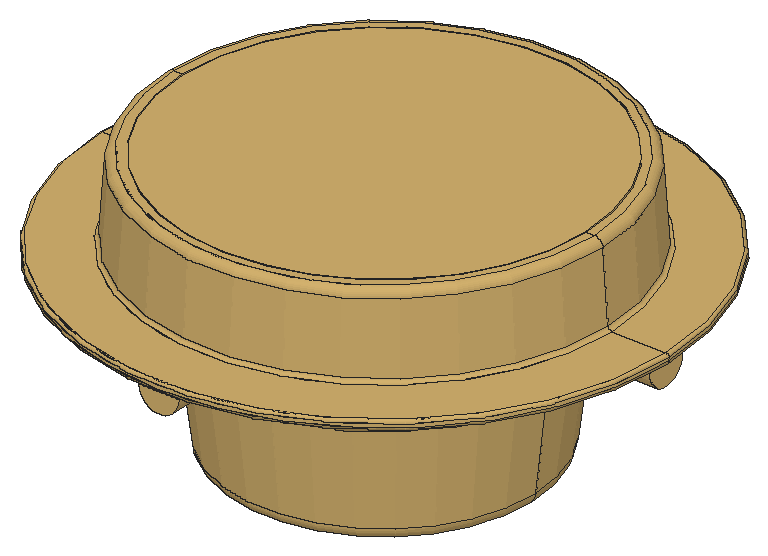
Revit family
Parameters (values of type "9710 (4" Diameter)")
  Weight (lb) = 0
  Warranty = "1 year material and workmanship"  # constant formula
  URL = "http://jrsmith.com"
  Threaded Connection = yes
  Technical and Installation = "http://www.jrsmith.com/products/spec/spec_tech.htm"
  SmartBIM Object Version = 3  # constant formula
  SmartBIM Object Created By = "Reed Construction Data"  # constant formula
  Seepage Holes = Satin Finish Top
  Schedule 40 Butt Weld = yes
  Product URL = "http://www.jrsmith.com/products/spec/submittal/d9710.pdf\r\n"
  Pipe Size = 4"
  OmniClass Title = "Sanitary Drains"  # constant formula
  OmniClass Code = "22-22 13 19 13"  # constant formula
  Model = "9710"  # constant formula
  Max. Static Load = ""
  Material Finish = Satin Finish
  Material = Satin Finish
  Manufacturer = "Jay R. Smith Mfg. Co. "  # constant formula
  Free Area(Sq In) = ""
  Flow Rate = ""
  Description = "CF8 rough finish stainless steel body and loose set non-tilt grate"  # constant formula
  Default Elevation = 48"
  Caulk Connection = yes
  Capacity = ""
  Assembly Code = "D2030300"
  Adjustable Height = 2 37/128"
  Action = ""
  Pipe  Radius = Pipe Diameter / 2  # 2"
  Pipe Diameter = 4"
  95 CSI = "15155"  # constant formula
  04 CSI = "22 13 19"  # constant formula
Types (4): name | Threaded Connection | Pipe Size | Caulk Connection | Pipe  Radius | Pipe Diameter
  (no name) | yes | 4" | yes | 2" | 4"
  9710 (3" Diameter) | no | 3" | no | 1 1/2" | 3"
  9710 (4" Diameter) | yes | 4" | yes | 2" | 4"
  9710 (2" Diameter) | no | 2" | no | 1" | 2"
Reference planes (in)
  plane 1 "Center (Front/Back)": y = 1.1811
  plane 2: z = 0
  plane 3 "Center (Left/Right)": x = 0
  plane 4: z = -2.82589
  plane 5: z = -5.11496
Dimensions and locks (in)
  locked: level to plane 4 at 2.82589
  "Adjustable Height": plane 4 to plane 5
  aligned and locked: plane 1 "Center (Front/Back)" to nested 1
  aligned and locked: plane 3 "Center (Left/Right)" to nested 1
  aligned and locked: nested 1 to level
  aligned and locked: level to plane 2
Nested families (in)
  nested 1: "9710" at (0, 0, -0.32143), type "9710 (3" Diameter)"
Connectors (in)
  piping at (0, 1.1811, -5.11496), driven by "Pipe  Radius"
    settings: on nested 1, index 1
Definition of nested family "9710"
  Parameters (values of type "9710 (3" Diameter)")
    Weight (lb) = 0
    Warranty = "1 year material and workmanship"  # constant formula
    URL = "http://jrsmith.com"
    Threaded Connection = no
    Technical and Installation = "http://www.jrsmith.com/products/spec/spec_tech.htm"
    SmartBIM Object Version = 3  # constant formula
    SmartBIM Object Created By = "Reed Construction Data"  # constant formula
    Seepage Holes = Satin Finish Top
    Schedule 40 Butt Weld = yes
    Product URL = "http://www.jrsmith.com/products/spec/submittal/d9710.pdf\r\n"
    Pipe Size = 3"
    OmniClass Title = "Sanitary Drains"  # constant formula
    OmniClass Code = "22-22 13 19 13"  # constant formula
    Model = "9710"  # constant formula
    Max. Static Load = ""
    Material Finish = Satin Finish
    Material = Satin Finish
    Manufacturer = "Jay R. Smith Mfg. Co. "  # constant formula
    Free Area(Sq In) = ""
    Flow Rate = ""
    Description = "CF8 rough finish stainless steel body and loose set non-tilt grate"  # constant formula
    Default Elevation = 48"
    Caulk Connection = no
    Capacity = ""
    Assembly Code = "D2030300"
    Adjustble Height = 2.29018"
    Action = ""
    Pipe  Radius = Pipe Diameter / 2  # 1 1/2"
    Pipe Diameter = 3"
    95 CSI = "15155"  # constant formula
    04 CSI = "22 13 19"  # constant formula
  Types (3): name | Threaded Connection | Pipe Size | Caulk Connection | Pipe  Radius | Pipe Diameter
    (no name) | no | 3" | no | 1 1/2" | 3"
    9710 (3" Diameter) | no | 3" | no | 1 1/2" | 3"
    9710 (4" Diameter) | yes | 4" | yes | 2" | 4"
  Reference planes (in)
    plane 1 "Center (Front/Back)": y = 1.1811
    plane 2: z = -4.79464
    plane 3 "Center (Left/Right)": x = 0
    plane 4: z = 0.32143
    plane 5: z = 0
    plane 6: x = -5.51181
    plane 7: x = 5.51181
    plane 8: x = -4.23228
    plane 9: x = 4.23228
    plane 10: x = -1.5
    plane 11: x = 1.5
    plane 12: y = 6.69291
    plane 13: y = -4.33071
    plane 14: y = 3.19506
    plane 15: y = -0.83285
    plane 16: y = 5.41339
    plane 17: y = -3.05118
    plane 18: z = -1.80252
    plane 19: z = -1.22279
  Forms (in)
    Revolve 1, solid, material "Satin Finish" <- "Material Finish"
      sketch origin (0, 1.1811, 0) x (1, 0, 0) y (0, 0, 1)
        loop
          line (3.90044, 0.32143) -> (3.90044, -1.92855) -> (3.1906, -1.92855) -> (3.1906, -2.23659) -> (2.91156, -2.23659) -> (2.67, -4.37133)
          arc (2.67, -4.37133) -> (2.61865, -4.48177) -> (2.50548, -4.52679) r 0.16479
          line (2.50548, -4.52679) -> (1.5, -4.52679) -> (1.5, -4.79464) -> (2.67798, -4.79464)
          arc (2.67798, -4.79464) -> (2.84912, -4.72689) -> (2.92749, -4.56035) r 0.25
          line (2.92749, -4.56035) -> (3.19064, -2.50446) -> (3.29495, -2.50446)
          arc (3.29495, -2.50446) -> (3.41058, -2.45657) -> (3.45848, -2.34094) r 0.16353
          line (3.45848, -2.34094) -> (3.45848, -2.27141)
          arc (3.45848, -2.27141) -> (3.48044, -2.21839) -> (3.53345, -2.19643) r 0.07498
          line (3.53345, -2.19643) -> (4.07311, -2.19643)
          arc (4.07311, -2.19643) -> (4.18566, -2.14981) -> (4.23228, -2.03725) r 0.15917
          line (4.23228, -2.03725) -> (4.23228, -1.41964) -> (5.44034, -1.41964)
          arc (5.44034, -1.41964) -> (5.49088, -1.39871) -> (5.51181, -1.34817) r 0.07148
          line (5.51181, -1.34817) -> (5.51181, -1.28666)
          arc (5.51181, -1.28666) -> (5.49584, -1.24811) -> (5.4573, -1.23214) r 0.05451
          line (5.4573, -1.23214) -> (4.39805, -1.23214)
          arc (4.39805, -1.23214) -> (4.34758, -1.21225) -> (4.32426, -1.16327) r 0.07397
          line (4.32426, -1.16327) -> (4.23228, 0.17041)
          arc (4.23228, 0.17041) -> (4.18115, 0.27781) -> (4.0705, 0.32143) r 0.16217
          line (4.0705, 0.32143) -> (3.90044, 0.32143)
        axis (0, -4.79464) -> (0, 0.32143)
      angle from 0 to 360
    Extrusion 2, solid, material "Satin Finish Top" <- "Seepage Holes"
      sketch origin (0, 0, 0) x (1, 0, 0) y (0, 1, 0)
        loop
          circle (0, 1.1811) r 3.90044
      from 0 to 0.32143
    Extrusion 3, solid, material "Satin Finish" <- "Material Finish"
      sketch origin (0, 0, 0) x (0, 1, 0) y (0, 0, 1)
        loop
          arc (0.7874, -1.41964) -> (1.1811, -1.81334) -> (1.5748, -1.41964) r 0.3937
          line (1.5748, -1.41964) -> (0.7874, -1.41964)
      from 4.23228 to 5.45276
    Extrusion 4, solid, material "Satin Finish" <- "Material Finish"
      sketch origin (0, 1.1811, 0) x (1, 0, 0) y (0, 0, 1)
        loop
          line (0.39562, -1.41964) -> (-0.39178, -1.41964)
          arc (-0.39178, -1.41964) -> (0.00192, -1.81334) -> (0.39562, -1.41964) r 0.3937
      from 4.23228 to 5.45276
    Extrusion 5, solid, material "Satin Finish" <- "Material Finish"
      sketch origin (0, 1.1811, 0) x (1, 0, 0) y (0, 0, -1)
        loop
          arc (0.39562, 1.41964) -> (0.00192, 1.81334) -> (-0.39178, 1.41964) r 0.3937
          line (-0.39178, 1.41964) -> (0.39562, 1.41964)
      from 4.23228 to 5.45276
    Extrusion 6, solid, material "Satin Finish" <- "Material Finish"
      sketch origin (0, 0, 0) x (0, 1, 0) y (0, 0, -1)
        loop
          line (0.7874, 1.41964) -> (1.5748, 1.41964)
          arc (1.5748, 1.41964) -> (1.1811, 1.81334) -> (0.7874, 1.41964) r 0.3937
      from 4.23228 to 5.44965
  Dimensions and locks (in)
    equal spacing: plane 7, plane 3 "Center (Left/Right)", plane 6
    locked: plane 7 to plane 6 at 11.02362
    equal spacing: plane 11, plane 3 "Center (Left/Right)", plane 10
    "Pipe Diameter": plane 11 to plane 10
    locked: Revolve 1 sketch curve to Revolve 1 sketch curve at 0.34227
    locked: Revolve 1 sketch curve to Revolve 1 sketch curve at 0.22132
    locked: Revolve 1 sketch curve to Revolve 1 sketch curve at 0.23126
    locked: Revolve 1 sketch curve to Revolve 1 sketch curve at 0.22511
    locked: Revolve 1 sketch curve to Revolve 1 sketch curve at 0.22635
    plane 9 to Revolve 1 sketch curve to Revolve 1 sketch curve to Revolve 1 sketch curve = 0.77381" locked, 0.26784", 0.26315"
    plane 9 to Revolve 1 sketch curve to Revolve 1 sketch curve to Revolve 1 sketch curve to Revolve 1 sketch curve = 0.33184" locked, 0.70984" locked, 0.27904", 0.24156"
    equal spacing: plane 12, plane 1 "Center (Front/Back)", plane 13
    locked: plane 12 to plane 13 at 11.02362
    locked: Extrusion 4 to plane 13 at 0.05906
    locked: plane 12 to Extrusion 5 at 0.05906
    locked: Extrusion 6 to plane 6 at 0.06216
    locked: plane 7 to Extrusion 3 at 0.05906
    equal spacing: plane 14, plane 1 "Center (Front/Back)", plane 15
    locked: plane 6 to plane 8 at 1.27953
    locked: plane 9 to plane 7 at 1.27953
    locked: plane 13 to plane 17 at 1.27953
    locked: plane 16 to plane 12 at 1.27953
    locked: Revolve 1 sketch curve to Revolve 1 sketch curve at 0.26786
    "Adjustble Height": Revolve 1 sketch curve to Revolve 1 sketch curve
    locked: Revolve 1 sketch curve to Revolve 1 sketch curve at 0.30804
    locked: Revolve 1 sketch curve to Revolve 1 sketch curve at 0.26787
    aligned and locked: plane 3 "Center (Left/Right)" to Revolve 1 sketch curve
    aligned and locked: Revolve 1 sketch curve to plane 11
    aligned and locked: Revolve 1 sketch curve to plane 7
    aligned and locked: plane 7 to Revolve 1 sketch curve
    aligned and locked: plane 9 to Revolve 1 sketch curve  (x2)
    aligned and locked: Extrusion 2 sketch curve to Revolve 1
    aligned and locked: Extrusion 2 to plane 4
    aligned and locked: plane 5 to Extrusion 2
    aligned and locked: Revolve 1 to Extrusion 3 sketch curve
    aligned and locked: Extrusion 4 sketch curve to Revolve 1
    aligned and locked: Revolve 1 to Extrusion 5 sketch curve
    aligned and locked: plane 8 to Extrusion 6
    aligned and locked: Extrusion 3 to plane 9
    aligned and locked: plane 16 to Extrusion 5
    aligned and locked: Extrusion 4 to plane 17
  Automatic sketch dimensions
    Revolve 1 sketch curve to plane 4 = 0"
    Revolve 1 sketch curve to Revolve 1 sketch curve = 0.16452"
    Revolve 1 sketch curve to plane 9 = 0.16179"
    plane 9 to Revolve 1 sketch curve = 0.09198"
    Revolve 1 sketch curve to Revolve 1 sketch curve = 0.07379"
    Revolve 1 sketch curve to plane 7 = 0.07148"
    Revolve 1 sketch curve to plane 7 = 0.05451"
    Revolve 1 sketch curve to level = 3/4"
    Revolve 1 sketch curve to Revolve 1 sketch curve = 1"
    Revolve 1 sketch curve to Revolve 1 sketch curve = 0.06953"
    Revolve 1 sketch curve to Revolve 1 sketch curve = 0.61761"
    Revolve 1 sketch curve to Revolve 1 sketch curve = 0.06151"
    Revolve 1 sketch curve to Revolve 1 sketch curve = 0.06888"
    Extrusion 3 sketch curve to plane 1 "Center (Front/Back)" = 0"
    plane 1 "Center (Front/Back)" to Extrusion 3 sketch curve = 0.3937"
    Extrusion 4 sketch curve to plane 3 "Center (Left/Right)" = 0.39178"
    plane 3 "Center (Left/Right)" to Extrusion 4 sketch curve = 0.00192"
    Extrusion 5 sketch curve to plane 3 "Center (Left/Right)" = 0.39178"
    plane 3 "Center (Left/Right)" to Extrusion 5 sketch curve = 0.00192"
    Extrusion 6 sketch curve to plane 1 "Center (Front/Back)" = 0"
    plane 1 "Center (Front/Back)" to Extrusion 6 sketch curve = 0.3937"
    plane 5 to Extrusion 6 sketch curve = 1.41964"
    Revolve 1 sketch curve to Revolve 1 sketch curve = 0.01786"
    Revolve 1 sketch curve to plane 18 = 0.70195"
    Revolve 1 sketch curve to Revolve 1 sketch curve = 0.10435"
